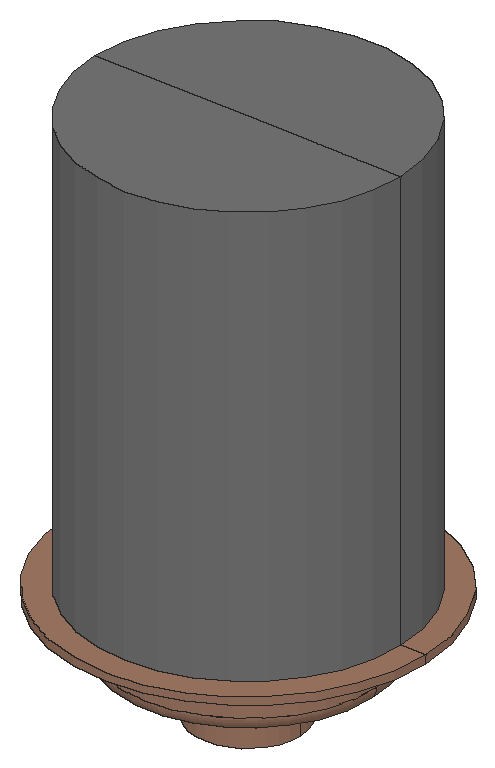
Revit family "Drain-Green_Roof-Jay R. Smith-Round_Type-1901_Series", category Plumbing Fixtures, Revit 2021
Family settings
  Round Connector Dimension = Use Radius
  Part Type = Normal
  OmniClass Number = 23.70.50.21.24.11
  OmniClass Title = Roof Waste Water Drains
  Work Plane-Based = Yes
  Always vertical = Yes
  Cut with Voids When Loaded = No
  Shared = No
  Room Calculation Point = No
Parameters (values of type "1900Y04")
  Waste Connection = yes
  Vent Connection = no
  URL = "http://www.jrsmith.com"
  T - Threaded Outlet = no
  Standpipe Material = Plastic-Jay R Smith-White
  R - Sump Receiver = no
  Product Page URL = "https://www.jrsmith.com/green-roof-main-area-drain-with-standpipe-1900"
  Product Documentation Link = "https://www.jrsmith.com/uploads/fileLibrary/d1900.pdf"
  Perforated P.V.C. Standpipe Height = 16 1/2"  # constant formula
  Perforated Gravel Stop Height = 18"  # constant formula
  Overall Diameter = 15 1/4"
  Outlet Radius = Outlet Diameter / 2  # 2"
  Outlet Diameter = 4"
  Model = "1900Y04"
  Material = "Cast Iron-Jay R Smith-Duco Coated"  # constant formula
  Manufacturer = "Jay R. Smith"  # constant formula
  Load Rating = "Load between 2,000 lbs. (900 kg) and 4,999 lbs. (2,250 kg) per ASME A112.6.3\r\nFloor Drain Standard."
  LXH - Speedi-Set Extra Heavy - 02"(50), 03"(75) & 04"(100) sizes only = no
  L - Speedi-Set Service Weight - 02"(50), 03"(75) & 04"(100) sizes only = no
  Installation Type = "Deck Mounted"  # constant formula
  HW Connection = no
  Gravel Guard Material = Stainless Steel-Jay R Smith-Perforated
  G - Galvanized Cast Iron = no
  Diameter = 15 1/4"  # constant formula
  Description = "Green Roof Main Area Drain with Standpipe"  # constant formula
  Depth Of Body = 5"
  Default Elevation = 0"
  Creation Date = "03/20/2024"  # constant formula
  Connection Outlet Description = "4\" No-HUB Outlet Connection"
  CW Connection = no
  CL - "L" Shaped Underdeck Clamp = no
  C - Underdeck Clamp = no
  Body Material = Cast Iron-Jay R Smith-Duco Coated
  B Dimension/2 = B Dimension / 2  # 2"
  B Dimension = 4"
  Assembly Code = "D2040200"
Types (18): name | T - Threaded Outlet | Outlet Radius | Outlet Diameter | Model | Depth Of Body | Connection Outlet Description | B Dimension/2 | B Dimension
  1900C02 | no | 1" | 2" | "1900C02" | 5" | "2\" Caulk Outlet Connection" | 2" | 4"
  1900C03 | no | 1 1/2" | 3" | "1900C03" | 5" | "3\" Caulk Outlet Connection" | 2" | 4"
  1900C04 | no | 2" | 4" | "1900C04" | 5" | "4\" Caulk Outlet Connection" | 2" | 4"
  1900C05 | no | 2 1/2" | 5" | "1900C05" | 5" | "5\" Caulk Outlet Connection" | 3" | 6"
  1900C06 | no | 3" | 6" | "1900C06" | 5" | "6\" Caulk Outlet Connection" | 3" | 6"
  1900C08 | no | 4" | 8" | "1900C08" | 5" | "8\" Caulk Outlet Connection" | 4" | 8"
  1900Y02 | no | 1" | 2" | "1900Y02" | 5" | "2\" No-HUB Outlet Connection" | 2" | 4"
  1900Y03 | no | 1 1/2" | 3" | "1900Y03" | 5" | "3\" No-HUB Outlet Connection" | 2" | 4"
  1900Y04 | no | 2" | 4" | "1900Y04" | 5" | "4\" No-HUB Outlet Connection" | 2" | 4"
  1900Y05 | no | 2 1/2" | 5" | "1900Y05" | 5" | "5\" No-HUB Outlet Connection" | 3" | 6"
  1900Y06 | no | 3" | 6" | "1900Y06" | 5" | "6\" No-HUB Outlet Connection" | 3" | 6"
  1900Y08 | no | 4" | 8" | "1900Y08" | 5" | "8\" No-HUB Outlet Connection" | 4" | 8"
  1900T02 | yes | 1" | 2" | "1900T02" | 3 3/4" | "2\" Threaded Outlet Connection" | 2" | 4"
  1900T03 | yes | 1 1/2" | 3" | "1900T03" | 3 3/4" | "3\" Threaded Outlet Connection" | 2" | 4"
  1900T04 | yes | 2" | 4" | "1900T04" | 3 3/4" | "4\" Threaded Outlet Connection" | 2" | 4"
  1900T05 | yes | 2 1/2" | 5" | "1900T05" | 3 3/4" | "5\" Threaded Outlet Connection" | 3" | 6"
  1900T06 | yes | 3" | 6" | "1900T06" | 3 3/4" | "6\" Threaded Outlet Connection" | 3" | 6"
  1900T08 | yes | 4" | 8" | "1900T08" | 3 3/4" | "8\" Threaded Outlet Connection" | 4" | 8"
Reference planes (in)
  plane 1 "Center (Front/Back)": y = 0
  plane 2: z = 0
  plane 3 "Center (Left/Right)": x = -0.54782
  plane 4: z = 0
  plane 5: x = 4.95218
  plane 6: z = 18
  plane 7: x = -8.17282
  plane 8: x = 7.07718
  plane 9: x = -7.11032
  plane 10: x = 6.01468
  plane 11: z = 16.5
  plane 12: x = -6.04782
  plane 13: x = 4.95218
  plane 14: z = -5
Forms (in)
  Revolve 1, solid, material "Stainless Steel-Jay R Smith-Perforated" <- "Gravel Guard Material"
    sketch origin (-0.54782, 0, 0) x (1, 0, 0) y (0, 0, 1)
      loop
        line (-6.5625, 18) -> (-6.5625, 0) -> (-6.43087, 0) -> (-6.43087, 17.868) -> (0, 17.868) -> (0, 18) -> (-6.5625, 18)
      axis (0, 18) -> (0, 0)
    angle from 0 to 360
  Revolve 2, solid, material "Cast Iron-Jay R Smith-Duco Coated"
    sketch origin (0, 0, 6) x (1, 0, 0) y (0, 0, 1)
      loop
        line (-2.54782, -11) -> (-2.54782, -6) -> (-2.79782, -6) -> (-2.79782, -11) -> (-2.54782, -11)
      axis (-0.54782, -6) -> (-0.54782, -11)
    angle from 0 to 360
  Revolve 3, solid, material "Cast Iron-Jay R Smith-Duco Coated"
    sketch origin (0, 0, 6) x (1, 0, 0) y (0, 0, 1)
      loop
        line (-0.54782, -6) -> (-8.17282, -6) -> (-8.17282, -6.33608) -> (-6.21642, -7.00972)
        arc (-6.21642, -7.00972) -> (-6.09429, -7.10093) -> (-6.04782, -7.2461) r 0.25
        line (-6.04782, -7.2461) -> (-6.04782, -8.01891)
        arc (-6.04782, -8.01891) -> (-5.86308, -8.46491) -> (-5.41708, -8.64965) r 0.63074
        line (-5.41708, -8.64965) -> (-5.22886, -8.64965)
        arc (-5.22886, -8.64965) -> (-5.13749, -8.87022) -> (-4.91693, -8.96158) r 0.31193
        line (-4.91693, -8.96158) -> (-0.54782, -8.96158) -> (-0.54782, -6)
      axis (-0.54782, -6) -> (-0.54782, -8.96158)
    angle from 0 to 360
  Revolve 4, solid, material "Plastic-Jay R Smith-White" <- "Standpipe Material"
    sketch origin (0, 0, 11) x (1, 0, 0) y (0, 0, 1)
      loop
        line (-2.29782, -11) -> (-2.29782, 5.5) -> (-2.54782, 5.5) -> (-2.54782, -11) -> (-2.29782, -11)
      axis (-0.54782, 5.5) -> (-0.54782, -11)
    angle from 0 to 360
Dimensions and locks (in)
  locked: Revolve 2 sketch curve to Revolve 2 sketch curve at 0.25
  Revolve 3 sketch curve to Revolve 3 sketch curve to Revolve 3 sketch curve to Revolve 3 sketch curve to Revolve 3 sketch curve to Revolve 3 sketch curve = 0.67364" locked, 0.23638" locked, 0.77281" locked, 0.63074" locked, 0.31193" locked
  "Overall Diameter": plane 7 to plane 8
  plane 9 to plane 10 = 13 1/8"
  plane 13 to plane 12 = 11"
  "Perforated Gravel Stop Height": plane 6 to level
  "Perforated P.V.C. Standpipe Height": plane 11 to level
  "Depth Of Body": level to plane 14
  "B Dimension/2": plane 3 "Center (Left/Right)" to Revolve 4 sketch curve
  "Outlet Radius": plane 3 "Center (Left/Right)" to Revolve 2 sketch curve
  locked: Revolve 4 sketch curve to Revolve 4 sketch curve at 0.25
  locked: Revolve 1 sketch curve to Revolve 1 sketch curve at 0.132
  locked: Revolve 1 sketch curve to Revolve 1 sketch curve at 0.13163
  aligned and locked: Revolve 2 sketch curve to plane 3 "Center (Left/Right)"
  aligned and locked: Revolve 4 sketch curve to plane 3 "Center (Left/Right)"
  aligned and locked: Revolve 4 sketch curve to plane 11
  aligned and locked: level to Revolve 4 sketch curve
  aligned and locked: plane 6 to Revolve 1 sketch curve
  aligned and locked: Revolve 1 sketch curve to plane 3 "Center (Left/Right)"
  aligned and locked: plane 3 "Center (Left/Right)" to Revolve 1 sketch curve
  aligned and locked: plane 9 to Revolve 1 sketch curve
Automatic sketch dimensions
  Revolve 1 sketch curve to level = 0"
  Revolve 1 sketch curve to Revolve 1 sketch curve = 3/4"
  Revolve 1 sketch curve to Revolve 1 sketch curve = 1/2"
  plane 7 to Revolve 3 sketch curve = 0"
  Revolve 3 sketch curve to plane 12 = 0"
  Revolve 3 sketch curve to level = 0"
  Revolve 3 sketch curve to plane 3 "Center (Left/Right)" = 0"  (x2)
  Revolve 3 sketch curve to Revolve 3 sketch curve = 1/4"
  Revolve 3 sketch curve to Revolve 3 sketch curve = 0.18822"
  Revolve 3 sketch curve to level = 0.33608"
  Revolve 3 sketch curve to Revolve 3 sketch curve = 0.28842"
  level to Revolve 3 sketch curve = 2 3/4"
  Revolve 2 sketch curve to plane 14 = 0"
  Revolve 2 sketch curve to level = 0"
  plane 14 to Revolve 2 sketch curve = 1 3/4"
  level to Revolve 2 sketch curve = 5 1/4"
  level to Revolve 4 sketch curve = 1 3/4"
  Revolve 4 sketch curve to plane 11 = 6 1/4"
